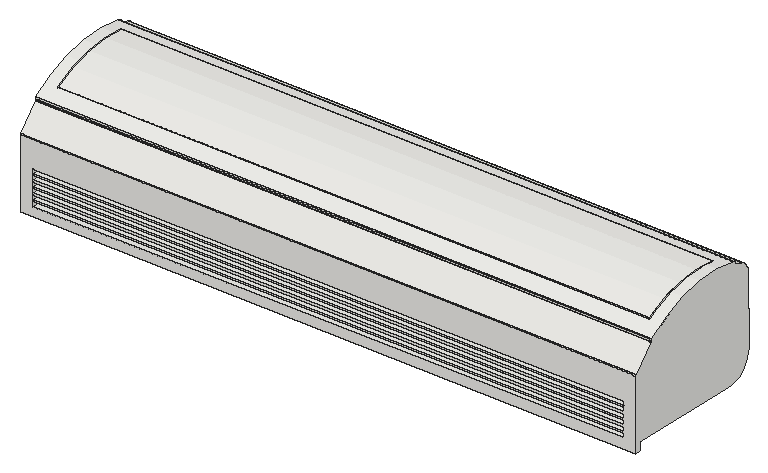
Revit family "ELiS C-E-100-bílá_RFA_2019", category Electrical Fixtures, host Face, Revit 2019
Family settings
  Host = Face
  Maintain Annotation Orientation = No
  Round Connector Dimension = Use Diameter
  Part Type = Normal
  Cut with Voids When Loaded = No
  Shared = No
  Room Calculation Point = No
Parameters (values of type "ELiS C-E-100, 3x400V, 3 rychlost")
  Weight of unit = 14.50 kg
  URL = "www.hydronic.cz"
  Type Comments = "vnitřní instalace, neprašné prostředí; IP21; max dosah 3m na 3 rychlost"
  Second Material = FLOWAIR-PerforatedSteel-White
  Rated current = 9.4 A
  Product code = "14290; bílá, délka 100cm, elektrická"
  Power supply = 400 V
  Power ratio = 1
  Number of phases = 3
  Manufacturer = "Hydronic Systems Prague s.r.o."
  Main Material = FLOWAIR-Steel-White
  Load classification = Other
  Length = 1000.00 mm  # constant formula
  Heating capacity = 6.5 kW
  Fan = "Single phase motor with diagonal rotor"
  Description = "Dveřní clona"
  Model = "ELiS C-E-100"
  IP = "21"
  Default Elevation = 2200.00 mm
  Author = ""
  Apparent power = if(Power supply = 400 V, 230 V * 3 * Rated current, 230 V * Rated current)  # 6486 VA
Types (6, lengths in mm): name | Rated current | Power supply | Number of phases | Heating capacity | Apparent power
  ELiS C-E-100, 3x400V, 1 rychlost | 8.8 A | 400 V | 3 | 6.1 kW | 6072 VA
  ELiS C-E-100, 3x400V, 2 rychlost | 9.1 A | 400 V | 3 | 6.4 kW | 6279 VA
  ELiS C-E-100, 3x400V, 3 rychlost | 9.4 A | 400 V | 3 | 6.5 kW | 6486 VA
  ELiS C-E-100, 1x230V, 1 rychlost | 26.4 A | 230 V | 1 | 6.1 kW | 6072 VA
  ELiS C-E-100, 1x230V, 2 rychlost | 27.3 A | 230 V | 1 | 6.4 kW | 6279 VA
  ELiS C-E-100, 1x230V, 3 rychlost | 28.2 A | 230 V | 1 | 6.5 kW | 6486 VA
Reference planes
  plane 1 "Środek (Przód/Tył)": y = 0
  plane 2: z = 0
  plane 3 "Środek (Lewa/Prawa)": x = 0
Dimensions and locks
  aligned and locked: plane 2 to host face
  aligned and locked: level to host face
  aligned and locked: plane 3 "Środek (Lewa/Prawa)" to nested 1
  aligned and locked: plane 1 "Środek (Przód/Tył)" to nested 1
Nested families
  nested 1: "ELiS C-E" at (0, 0, 0), type "ELiS C-E"
Connectors
  electrical at (0, 235.182, 54.049), driven by "Power supply", driven by "Apparent power", driven by "Power ratio", driven by "Load classification", driven by "Number of phases"
    settings: on nested 1, index 9, voltage 400 V, apparent load 6486 VA, apparent load phase1 0 VA, apparent load phase2 0 VA, apparent load phase3 0 VA, power factor 1, load classification "Other", number of poles 3, system type 30, power factor state 1, is connector primary yes, connector utility no, sub classification motor no, connector description ""
  electrical at (-59, 235.182, 85.024)
    settings: on nested 1, index 10, voltage 0 V, apparent load 0 VA, apparent load phase1 0 VA, apparent load phase2 0 VA, apparent load phase3 0 VA, power factor 1, load classification "Other", number of poles 1, system type 13, power factor state 1, is connector primary no, connector utility no, sub classification motor no, connector description "TS regulator"
  electrical at (59, 235.182, 85.024)
    settings: on nested 1, index 11, voltage 0 V, apparent load 0 VA, apparent load phase1 0 VA, apparent load phase2 0 VA, apparent load phase3 0 VA, power factor 1, load classification "Other", number of poles 1, system type 13, power factor state 1, is connector primary no, connector utility no, sub classification motor no, connector description "Limit switches"
Definition of nested family "ELiS C-E"
  Parameters
    materiał perforacja = none
    materiał = none
    długość = 1000.00 mm
  Reference planes
    plane 1 "Środek (Przód/Tył)": y = 0
    plane 2: z = 0
    plane 3 "Środek (Lewa/Prawa)": x = 0
    plane 4: x = -500
    plane 5: x = 500
    plane 6: x = -480
    plane 7: x = 480
    plane 8: x = 250
    plane 9: x = -250
  Forms (mm)
    Extrusion 1, solid, material <- "materiał", detail levels medium
      sketch origin (0, 300, 0) x (0, 1, 0) y (0, 0, 1)
        loop
          line (-72.756, 170.564) -> (-81.693, 181.358)
          arc (-81.693, 181.358) -> (-82.051, 181.684) -> (-82.482, 181.903) r 1.8
          line (-82.482, 181.903) -> (-98.157, 187.357)
          arc (-98.157, 187.357) -> (-98.505, 187.566) -> (-98.742, 187.895) r 1
          line (-98.742, 187.895) -> (-99.846, 190.375)
          arc (-99.846, 190.375) -> (-100.355, 191.039) -> (-101.109, 191.402) r 1.8
          arc (-101.109, 191.402) -> (-188.803, 190.806) -> (-267.88, 152.892) r 200.8
          arc (-267.88, 152.892) -> (-268.406, 152.22) -> (-268.563, 151.381) r 1.8
          line (-268.563, 151.381) -> (-268.42, 148.651)
          arc (-268.42, 148.651) -> (-268.477, 148.263) -> (-268.678, 147.927) r 1
          line (-268.678, 147.927) -> (-299.538, 113.654)
          arc (-299.538, 113.654) -> (-299.88, 113.094) -> (-300, 112.449) r 1.8
          line (-300, 112.449) -> (-300, 0) -> (-292.2, 0) -> (-292.2, 13.085) -> (-113.282, 13.085)
          arc (-113.282, 13.085) -> (-84.316, 25.083) -> (-72.318, 54.049) r 40.964
          line (-72.318, 54.049) -> (-72.318, 169.336)
          arc (-72.318, 169.336) -> (-72.431, 169.988) -> (-72.756, 170.564) r 1.943
      from -500 to 500
    Extrusion 2, solid, material <- "materiał", detail levels coarse
      sketch origin (0, 0, 0) x (0, 1, 0) y (0, 0, 1)
        loop
          arc (227.682, 182.867) -> (103.817, 188.954) -> (0, 121.12) r 200.8
          line (0, 121.12) -> (0, 0) -> (227.682, 0) -> (227.682, 182.867)
      from -500 to 500
    Extrusion 3, solid, material <- "materiał", detail levels fine
      sketch origin (0, 0, 0) x (0, 1, 0) y (0, 0, 1)
        loop
          line (227.244, 170.564) -> (218.307, 181.358)
          arc (218.307, 181.358) -> (217.949, 181.684) -> (217.518, 181.903) r 1.8
          line (217.518, 181.903) -> (201.843, 187.357)
          arc (201.843, 187.357) -> (201.495, 187.566) -> (201.258, 187.895) r 1
          line (201.258, 187.895) -> (200.154, 190.375)
          arc (200.154, 190.375) -> (199.645, 191.039) -> (198.891, 191.402) r 1.8
          arc (198.891, 191.402) -> (111.197, 190.806) -> (32.12, 152.892) r 200.8
          arc (32.12, 152.892) -> (31.594, 152.22) -> (31.437, 151.381) r 1.8
          line (31.437, 151.381) -> (31.58, 148.651)
          arc (31.58, 148.651) -> (31.523, 148.263) -> (31.322, 147.927) r 1
          line (31.322, 147.927) -> (0.462, 113.654)
          arc (0.462, 113.654) -> (0.12, 113.094) -> (0, 112.449) r 1.8
          line (0, 112.449) -> (0, 0) -> (7.8, 0) -> (7.8, 13.085) -> (186.718, 13.085)
          arc (186.718, 13.085) -> (215.684, 25.083) -> (227.682, 54.049) r 40.964
          line (227.682, 54.049) -> (227.682, 169.336)
          arc (227.682, 169.336) -> (227.569, 169.988) -> (227.244, 170.564) r 1.943
      from -500 to 500
    Extrusion 4, void
      sketch origin (0, 0, 0) x (0, 1, 0) y (0, 0, 1)
        loop
          line (52, 224.939) -> (52, 114.939) -> (180, 114.939) -> (180, 224.939) -> (52, 224.939)
      from -480 to 480
    Extrusion 5, solid, material <- "materiał perforacja", detail levels fine
      sketch origin (0, 0, 0) x (0, 1, 0) y (0, 0, 1)
        loop
          arc (180, 194.56) -> (113.664, 191.359) -> (52, 166.696) r 200.8
          line (52, 166.696) -> (52, 164.35)
          arc (52, 164.35) -> (113.61, 189.3) -> (180, 192.546) r 198.8
          line (180, 192.546) -> (180, 194.56)
      from -480 to 480
    Extrusion 6, void
      sketch origin (0, 0, 0) x (0, 1, 0) y (0, 0, 1)
        loop
          line (0, 15.085) -> (25, 15.085) -> (25, 70.085) -> (0, 70.085) -> (0, 62.585) -> (15, 62.585) -> (15, 60.585) -> (0, 60.585) -> (0, 53.085) -> (15, 53.085) -> (15, 51.085) -> (0, 51.085) -> (0, 43.585) -> (15, 43.585) -> (15, 41.585) -> (0, 41.585) -> (0, 34.085) -> (15, 34.085) -> (15, 32.085) -> (0, 32.085) -> (0, 24.585) -> (15, 24.585) -> (15, 22.585) -> (0, 22.585) -> (0, 15.085)
      from -480 to 480
    Extrusion 7, solid, material <- "materiał"
      sketch origin (0, 0, 0) x (0, 1, 0) y (0, 0, 1)
        loop
          line (10, 0) -> (172, 0) -> (172, 13.085) -> (10, 13.085) -> (10, 0)
      from -250 to 250
    Extrusion 8, solid, material <- "materiał"
      sketch origin (0, 0, 0) x (0, 1, 0) y (0, 0, 1)
        loop
          line (227.682, 54.049) -> (242.682, 54.049) -> (242.682, 116) -> (227.682, 116) -> (227.682, 54.049)
      from -59 to 59
  Cuts and joins
    Extrusion 4, Extrusion 6 cuts Extrusion 3
  Dimensions and locks
    equal spacing: plane 4, plane 3 "Środek (Lewa/Prawa)", plane 5
    "długość": plane 4 to plane 5
    locked: plane 4 to plane 6 at 20
    locked: plane 7 to plane 5 at 20
    equal spacing: plane 4, plane 9, plane 3 "Środek (Lewa/Prawa)"
    equal spacing: plane 3 "Środek (Lewa/Prawa)", plane 8, plane 5
    aligned and locked: level to plane 2
    aligned and locked: Extrusion 2 to plane 4
    aligned and locked: Extrusion 1 to plane 4
    aligned and locked: Extrusion 2 to plane 5
    aligned and locked: Extrusion 1 to plane 5
    aligned and locked: Extrusion 3 to plane 4
    aligned and locked: Extrusion 3 to plane 5
    aligned and locked: Extrusion 4 to plane 6
    aligned and locked: Extrusion 4 to plane 7
    aligned and locked: Extrusion 5 to plane 6
    aligned and locked: Extrusion 5 to plane 7
    aligned and locked: Extrusion 6 to plane 7
    aligned and locked: Extrusion 6 to plane 6
    aligned and locked: plane 8 to Extrusion 7
    aligned and locked: plane 9 to Extrusion 7
  Automatic sketch dimensions
    Extrusion 1 sketch curve to level = 0.00 mm
    Extrusion 1 sketch curve to plane 1 "Środek (Przód/Tył)" = 0.00 mm
    Extrusion 1 sketch curve to Extrusion 1 sketch curve = 1.80 mm
    Extrusion 1 sketch curve to plane 1 "Środek (Przód/Tył)" = 7.80 mm
    Extrusion 1 sketch curve to plane 1 "Środek (Przód/Tył)" = 30.581 mm
    Extrusion 1 sketch curve to Extrusion 1 sketch curve = 0.742 mm
    Extrusion 1 sketch curve to Extrusion 1 sketch curve = 0.856 mm
    Extrusion 1 sketch curve to Extrusion 1 sketch curve = 1.797 mm
    Extrusion 1 sketch curve to plane 1 "Środek (Przód/Tył)" = 156.375 mm
    Extrusion 1 sketch curve to Extrusion 1 sketch curve = 30.343 mm
    Extrusion 1 sketch curve to Extrusion 1 sketch curve = 165.276 mm
    Extrusion 1 sketch curve to Extrusion 1 sketch curve = 3.662 mm
    Extrusion 1 sketch curve to Extrusion 1 sketch curve = 14.754 mm
    Extrusion 1 sketch curve to Extrusion 1 sketch curve = 1.38 mm
    Extrusion 1 sketch curve to Extrusion 1 sketch curve = 8.812 mm
    Extrusion 1 sketch curve to Extrusion 1 sketch curve = 1.505 mm
    Extrusion 1 sketch curve to Extrusion 1 sketch curve = 40.964 mm
    Extrusion 1 sketch curve to Extrusion 1 sketch curve = 13.085 mm
    Extrusion 1 sketch curve to Extrusion 1 sketch curve = 58.894 mm
    Extrusion 1 sketch curve to Extrusion 1 sketch curve = 117.295 mm
    Extrusion 1 sketch curve to Extrusion 1 sketch curve = 35.478 mm
    Extrusion 1 sketch curve to Extrusion 1 sketch curve = 0.671 mm
    Extrusion 1 sketch curve to Extrusion 1 sketch curve = 2.783 mm
    Extrusion 1 sketch curve to Extrusion 1 sketch curve = 0.097 mm
    Extrusion 1 sketch curve to Extrusion 1 sketch curve = 174.181 mm
    Extrusion 1 sketch curve to Extrusion 1 sketch curve = 10.867 mm
    Extrusion 1 sketch curve to Extrusion 1 sketch curve = 1.155 mm
    Extrusion 1 sketch curve to Extrusion 1 sketch curve = 8.099 mm
    Extrusion 1 sketch curve to Extrusion 1 sketch curve = 1.341 mm
    Extrusion 1 sketch curve to plane 1 "Środek (Przód/Tył)" = 0.462 mm
    Extrusion 1 sketch curve to Extrusion 1 sketch curve = 0.00 mm  (x14)
    Extrusion 1 sketch curve to Extrusion 1 sketch curve = 0.257 mm
    Extrusion 1 sketch curve to Extrusion 1 sketch curve = 1.263 mm
    Extrusion 1 sketch curve to Extrusion 1 sketch curve = 0.914 mm
    Extrusion 1 sketch curve to Extrusion 1 sketch curve = 0.585 mm
    Extrusion 1 sketch curve to Extrusion 1 sketch curve = 0.789 mm
    Extrusion 1 sketch curve to Extrusion 1 sketch curve = 0.944 mm
    Extrusion 2 sketch curve to level = 0.00 mm
    Extrusion 2 sketch curve to Extrusion 2 sketch curve = 71.306 mm
    Extrusion 2 sketch curve to Extrusion 2 sketch curve = 4.846 mm
    Extrusion 2 sketch curve to plane 1 "Środek (Przód/Tył)" = 0.00 mm
    Extrusion 2 sketch curve to Extrusion 2 sketch curve = 125.966 mm
    Extrusion 2 sketch curve to plane 1 "Środek (Przód/Tył)" = 156.375 mm
    plane 1 "Środek (Przód/Tył)" to Extrusion 3 sketch curve = 0.00 mm
    Extrusion 3 sketch curve to Extrusion 3 sketch curve = 1.80 mm
    Extrusion 3 sketch curve to Extrusion 3 sketch curve = 7.80 mm
    Extrusion 3 sketch curve to Extrusion 3 sketch curve = 28.781 mm
    Extrusion 3 sketch curve to Extrusion 3 sketch curve = 0.742 mm
    Extrusion 3 sketch curve to Extrusion 3 sketch curve = 0.856 mm
    Extrusion 3 sketch curve to Extrusion 3 sketch curve = 1.797 mm
    Extrusion 3 sketch curve to Extrusion 3 sketch curve = 148.575 mm
    Extrusion 3 sketch curve to Extrusion 3 sketch curve = 30.343 mm
    Extrusion 3 sketch curve to Extrusion 3 sketch curve = 165.276 mm
    Extrusion 3 sketch curve to Extrusion 3 sketch curve = 3.662 mm
    Extrusion 3 sketch curve to Extrusion 3 sketch curve = 14.754 mm
    Extrusion 3 sketch curve to Extrusion 3 sketch curve = 1.38 mm
    Extrusion 3 sketch curve to Extrusion 3 sketch curve = 8.812 mm
    Extrusion 3 sketch curve to Extrusion 3 sketch curve = 1.505 mm
    Extrusion 3 sketch curve to Extrusion 3 sketch curve = 40.964 mm
    level to Extrusion 3 sketch curve = 0.00 mm
    Extrusion 3 sketch curve to Extrusion 3 sketch curve = 13.085 mm
    Extrusion 3 sketch curve to Extrusion 3 sketch curve = 58.894 mm
    Extrusion 3 sketch curve to Extrusion 3 sketch curve = 117.295 mm
    Extrusion 3 sketch curve to Extrusion 3 sketch curve = 35.478 mm
    Extrusion 3 sketch curve to Extrusion 3 sketch curve = 0.671 mm
    Extrusion 3 sketch curve to Extrusion 3 sketch curve = 2.783 mm
    Extrusion 3 sketch curve to Extrusion 3 sketch curve = 0.097 mm
    Extrusion 3 sketch curve to Extrusion 3 sketch curve = 174.181 mm
    Extrusion 3 sketch curve to Extrusion 3 sketch curve = 10.867 mm
    Extrusion 3 sketch curve to Extrusion 3 sketch curve = 1.155 mm
    Extrusion 3 sketch curve to Extrusion 3 sketch curve = 8.099 mm
    Extrusion 3 sketch curve to Extrusion 3 sketch curve = 1.341 mm
    Extrusion 3 sketch curve to Extrusion 3 sketch curve = 0.462 mm
    Extrusion 3 sketch curve to Extrusion 3 sketch curve = 0.00 mm  (x14)
    Extrusion 3 sketch curve to Extrusion 3 sketch curve = 0.257 mm
    Extrusion 3 sketch curve to Extrusion 3 sketch curve = 1.263 mm
    Extrusion 3 sketch curve to Extrusion 3 sketch curve = 0.914 mm
    Extrusion 3 sketch curve to Extrusion 3 sketch curve = 0.585 mm
    Extrusion 3 sketch curve to Extrusion 3 sketch curve = 0.789 mm
    Extrusion 3 sketch curve to Extrusion 3 sketch curve = 0.944 mm
    Extrusion 4 sketch curve to Extrusion 4 sketch curve = 128.00 mm
    level to Extrusion 4 sketch curve = 114.939 mm
    Extrusion 4 sketch curve to Extrusion 4 sketch curve = 110.00 mm
    Extrusion 4 sketch curve to plane 1 "Środek (Przód/Tył)" = 52.00 mm
    Extrusion 5 sketch curve to plane 1 "Środek (Przód/Tył)" = 156.375 mm
    Extrusion 5 sketch curve to level = 4.846 mm
    Extrusion 5 sketch curve to plane 1 "Środek (Przód/Tył)" = 52.00 mm
    Extrusion 5 sketch curve to Extrusion 5 sketch curve = 23.625 mm
    Extrusion 5 sketch curve to Extrusion 5 sketch curve = 25.85 mm
    Extrusion 5 sketch curve to Extrusion 5 sketch curve = 2.346 mm
    Extrusion 5 sketch curve to Extrusion 5 sketch curve = 0.00 mm  (x2)
    Extrusion 7 sketch curve to level = 0.00 mm
    Extrusion 7 sketch curve to plane 1 "Środek (Przód/Tył)" = 10.00 mm
    Extrusion 7 sketch curve to Extrusion 7 sketch curve = 162.00 mm
    level to Extrusion 7 sketch curve = 13.085 mm
    Extrusion 8 sketch curve to plane 1 "Środek (Przód/Tył)" = 227.682 mm
    level to Extrusion 8 sketch curve = 116.00 mm
    level to Extrusion 8 sketch curve = 54.049 mm
    Extrusion 8 sketch curve to Extrusion 8 sketch curve = 15.00 mm
    Extrusion 6 sketch curve to plane 1 "Środek (Przód/Tył)" = 0.00 mm  (x6)
    Extrusion 6 sketch curve to Extrusion 6 sketch curve = 15.00 mm
    Extrusion 6 sketch curve to Extrusion 6 sketch curve = 0.00 mm  (x4)
    Extrusion 6 sketch curve to Extrusion 6 sketch curve = 10.00 mm
    level to Extrusion 6 sketch curve = 15.085 mm
    Extrusion 6 sketch curve to Extrusion 6 sketch curve = 7.50 mm  (x6)
    Extrusion 6 sketch curve to Extrusion 6 sketch curve = 2.00 mm  (x5)
